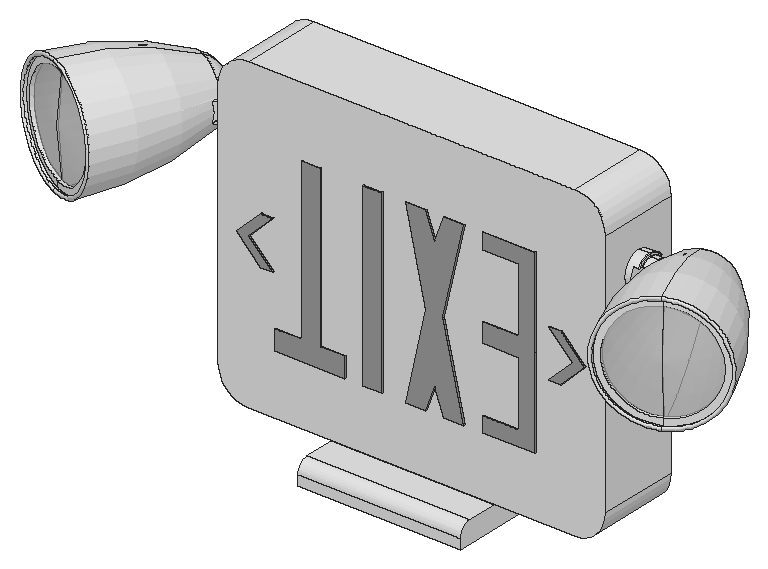
Revit family "HCX SERIES", category Lighting Fixtures, host Face, Revit 2021
Family settings
  Host = Face
  Round Connector Dimension = Use Diameter
  Part Type = Normal
  OmniClass Number = 23.80.70.11
  OmniClass Title = Luminaries for Internal Lighting
  Cut with Voids When Loaded = No
  Light Source = Yes
  Shared = No
  Room Calculation Point = No
Parameters (values of type "HCX SERIES")
  Wattage Comments = "4.5W"
  Wattage = 9.2903 W
  built-in parameter 1150110 = 1 (stored number, unit not read)
  URL = "https://www.currentlighting.com/dual-lite"
  built-in parameter 1114217 = 1 (stored number, unit not read)
  built-in parameter 1150109 = 1 (stored number, unit not read)
  built-in parameter 1150134 = 3
  built-in parameter 1150113 = 1 (stored number, unit not read)
  Product Page URL = ""
  Product Documentation Link = ""
  Model = "HCX SERIES"  # constant formula
  Manufacturer = "Dual-Lite"  # constant formula
  built-in parameter 1150105 = 109.82 (stored number, unit not read)
  Lumens = 1380 lm
  built-in parameter 1150115 = 1 (stored number, unit not read)
  Light Source Symbol Size = 1"
  built-in parameter 1150137 = (empty or 0)
  built-in parameter 1150139 = (empty or 0)
  Lettering = Red
  built-in parameter 1150112 = 1 (stored number, unit not read)
  built-in parameter 1150114 = 1 (stored number, unit not read)
  Lamp = "Two"
  Opal lens = Etched Glass
  built-in parameter 1150132 = (empty or 0)
  built-in parameter 1150102 = (empty or 0)
  built-in parameter 1150107 = 3200 (stored number, unit not read)
  built-in parameter 1150138 = (empty or 0)
  built-in parameter 1150106 = 1.0982 (stored number, unit not read)
  Finish2 = White
  Emit from Circle Diameter = 5"
  Emit Shape Visible in Rendering = no
  built-in parameter 1150104 = 13.8 (stored number, unit not read)
  Dimming Lamp Color Temperature Shift = <None>
  Description = "Side mounted combo unit for commercial applications."  # constant formula
  Default Elevation = 48"
  Color Filter = 16777215
  built-in parameter 1114218 = 1 (stored number, unit not read)
  built-in parameter 1150133 = 10 (stored number, unit not read)
Reference planes (in)
  plane 1 "Center (Front/Back)": y = 0
  plane 2: z = 0
  plane 3 "Center (Left/Right)": x = 0
  plane 4: z = 0.75
  plane 5: x = -2.625
  plane 6: x = 2.625
  plane 7: y = 1.3125
  plane 8: y = -1.3125
  plane 9: z = 5.75
  plane 10: z = 10.75
  plane 11: x = 6.25
  plane 12: x = -6.25
  plane 13: x = 9.25
  plane 14: x = -9.25
  plane 15: y = -3.6875
  plane 16: through (-9.78019, -3.44068, 48) normal (-0.9063, 0.4226, 0)
  plane 17: z = 5.75
  plane 18: z = 8.25366
  plane 19: z = 8.25
  plane 20: z = 8.25
  plane 21: z = 8.25366
  plane 22: z = 8.25
  plane 23: z = 5.75
Forms (in)
  Extrusion 1, solid, material "White" <- "Finish2"
    sketch origin (0, 0, 0) x (0, 1, 0) y (0, 0, 1)
      loop
        line (2.625, 0) -> (2.625, 0.32182)
        arc (2.625, 0.32182) -> (2.51546, 0.58626) -> (2.25102, 0.6958) r 0.37398
        line (2.25102, 0.6958) -> (1.25102, 0.6958) -> (1.25102, 0.75) -> (-1.25, 0.75) -> (-1.25, 0.6958) -> (-2.25, 0.6958)
        arc (-2.25, 0.6958) -> (-2.51517, 0.58596) -> (-2.625, 0.3208) r 0.375
        line (-2.625, 0.3208) -> (-2.625, 0) -> (2.625, 0)
    from -2.625 to 2.625
  Extrusion 2, solid, material "White" <- "Finish2"
    sketch origin (0, 0, 0) x (1, 0, 0) y (0, 0, 1)
      loop
        arc (-5.25, 10.75) -> (-5.95711, 10.45711) -> (-6.25, 9.75) r 1
        line (-6.25, 9.75) -> (-6.25, 1.75)
        arc (-6.25, 1.75) -> (-5.95711, 1.04289) -> (-5.25, 0.75) r 1
        line (-5.25, 0.75) -> (5.25, 0.75)
        arc (5.25, 0.75) -> (5.95711, 1.04289) -> (6.25, 1.75) r 1
        line (6.25, 1.75) -> (6.25, 9.75)
        arc (6.25, 9.75) -> (5.95711, 10.45711) -> (5.25, 10.75) r 1
        line (5.25, 10.75) -> (-5.25, 10.75)
      loop
        arc (-5.25, 10.5) -> (-5.78033, 10.28033) -> (-6, 9.75) r 0.75
        line (-6, 9.75) -> (-6, 1.75)
        arc (-6, 1.75) -> (-5.78033, 1.21967) -> (-5.25, 1) r 0.75
        line (-5.25, 1) -> (5.25, 1)
        arc (5.25, 1) -> (5.78033, 1.21967) -> (6, 1.75) r 0.75
        line (6, 1.75) -> (6, 9.75)
        arc (6, 9.75) -> (5.78033, 10.28033) -> (5.25, 10.5) r 0.75
        line (5.25, 10.5) -> (-5.25, 10.5)
    from -1.3125 to 1.3125
  Extrusion 3, solid, material "Red" <- "Lettering"
    sketch origin (-0.25314, -1.3125, -0.29619) x (1, 0, 0) y (0, 0, 1)
      loop
        line (3.74305, 8.29619) -> (3.74305, 6.21428) -> (2.56103, 6.21428) -> (2.56103, 5.89971) -> (2.56103, 5.58514) -> (3.74305, 5.58514) -> (3.74305, 3.50323) -> (2.56103, 3.50323) -> (2.56103, 3.00323) -> (4.24305, 3.00323) -> (4.24305, 5.89971) -> (4.24305, 8.79619) -> (2.56103, 8.79619) -> (2.56103, 8.29619) -> (3.74305, 8.29619)
      loop
        line (1.96033, 8.7951) -> (1.30504, 8.7951) -> (1.017, 8.00371) -> (0.72896, 8.7951) -> (0.07367, 8.7951) -> (0.74212, 5.89971) -> (0.07367, 3.00432) -> (0.72896, 3.00432) -> (1.017, 3.79571) -> (1.30504, 3.00432) -> (1.96033, 3.00432) -> (1.29187, 5.89971) -> (1.96033, 8.7951)
      loop
        line (-0.68897, 8.79619) -> (-1.28881, 8.79619) -> (-1.28881, 3.00432) -> (-0.68897, 3.00432) -> (-0.68897, 8.79619)
      loop
        line (-4.13663, 3.65961) -> (-4.13663, 3.00432) -> (-1.88663, 3.00432) -> (-1.88663, 3.65961) -> (-2.66803, 3.65961) -> (-2.66803, 8.79619) -> (-3.26787, 8.79619) -> (-3.26787, 3.65961) -> (-4.13663, 3.65961)
    from 0 to 0.03368
  Extrusion 4, solid, material "Red"
    sketch origin (0, -1.3125, -0.1629) x (1, 0, 0) y (0, 0, 1)
      loop
        line (-4.82938, 5.13752) -> (-4.44343, 5.13752) -> (-5.21881, 5.9129) -> (-4.44343, 6.68828) -> (-4.82938, 6.68828) -> (-5.60475, 5.9129) -> (-4.82938, 5.13752)
      loop
        line (4.82938, 5.13752) -> (5.60475, 5.9129) -> (4.82938, 6.68828) -> (4.44343, 6.68828) -> (5.21881, 5.9129) -> (4.44343, 5.13752) -> (4.82938, 5.13752)
    from 0 to 0.03368
  Revolve 5, solid, material "White" <- "Finish2"
    sketch origin (-9.78019, -3.44068, -36.5) x (-0.422618, -0.906308, 0) y (0, 0, 1)
      loop
        arc (0.01211, 42.82414) -> (0.0629, 42.876) -> (0.00997, 42.92568) r 0.05079
        line (0.00997, 42.92568) -> (-0.06926, 42.92568) -> (-0.06926, 43.14083) -> (-0.17725, 43.14083) -> (-0.17725, 42.92366)
        arc (-0.17725, 42.92366) -> (-2.18794, 43.14469) -> (-4.10177, 43.79966) r 9.20292
        arc (-4.10177, 43.79966) -> (-4.53233, 44.18969) -> (-4.67176, 44.75366) r 0.99519
        line (-4.67176, 44.75366) -> (-4.77345, 44.75366)
        arc (-4.77345, 44.75366) -> (-4.61811, 44.13525) -> (-4.14501, 43.70776) r 1.09676
        arc (-4.14501, 43.70776) -> (-2.11758, 43.02542) -> (0.01211, 42.82414) r 9.30448
      axis (-4.77345, 44.75366) -> (0.01211, 44.75366)
    angle from 0 to 360
  Revolve 6, solid, material "White" <- "Finish2"
    sketch origin (0, 0, 11.5) x (1, 0, 0) y (0, 0, -1)
      loop
        line (-6.25, 3.25) -> (-6.93713, 3.25) -> (-6.93713, 2.80213)
        arc (-6.93713, 2.80213) -> (-6.9287, 2.78179) -> (-6.90835, 2.77336) r 0.02877
        line (-6.90835, 2.77336) -> (-6.66095, 2.77336)
        arc (-6.66095, 2.77336) -> (-6.64641, 2.76734) -> (-6.64039, 2.7528) r 0.02056
        line (-6.64039, 2.7528) -> (-6.64039, 2.70753)
        arc (-6.64039, 2.70753) -> (-6.63446, 2.69323) -> (-6.62016, 2.68731) r 0.02023
        line (-6.62016, 2.68731) -> (-6.25, 2.68731) -> (-6.25, 3.25)
      axis (-6.93713, 3.25) -> (-6.25, 3.25)
    angle from 0 to 360
  Extrusion 7, void
    sketch origin (0, 0, 11.5) x (1, 0, 0) y (0, 0, 1)
      loop
        line (-6.47361, -3.57009) -> (-6.47361, -2.92259) -> (-6.94971, -2.92259) -> (-6.94971, -3.57009) -> (-6.47361, -3.57009)
    from -0.57711 to 0.57245
  Extrusion 8, solid, material "White" <- "Finish2"
    sketch origin (0, 0, 11.5) x (0, -1, 0) y (1, 0, 0)
      loop
        line (0.46751, -7.15127) -> (0.30801, -6.68806)
        arc (0.30801, -6.68806) -> (0.2739, -6.64238) -> (0.2196, -6.625) r 0.09351
        line (0.2196, -6.625) -> (-0.17867, -6.625)
        arc (-0.17867, -6.625) -> (-0.23509, -6.64388) -> (-0.26879, -6.69291) r 0.09375
        line (-0.26879, -6.69291) -> (-0.44501, -7.30745)
        arc (-0.44501, -7.30745) -> (-0.00116, -7.15686) -> (0.46751, -7.15127) r 1.49327
    from -3.57009 to -2.92259
  Revolve 9, solid, material "Etched Glass" <- "Opal lens"
    sketch origin (-9.78019, -3.44068, 48) x (-0.422618, -0.906308, 0) y (0, 0, 1)
      loop
        line (-0.18707, -37.91677) -> (-0.2371, -37.9255)
        arc (-0.2371, -37.9255) -> (-0.11773, -38.83434) -> (-0.07533, -39.75) r 10.87541
        line (-0.07533, -39.75) -> (-0.02455, -39.75)
        arc (-0.02455, -39.75) -> (-0.06714, -38.82996) -> (-0.18707, -37.91677) r 10.92619
      axis (-0.2371, -39.75) -> (-0.02455, -39.75)
    angle from 0 to 360
  Revolve 10, solid, material "White" <- "Finish2"
    sketch origin (9.78019, -3.44068, -36.5) x (0.422618, -0.906308, 0) y (0, 0, -1)
      loop
        arc (0.01211, -42.82414) -> (-2.11758, -43.02542) -> (-4.14501, -43.70776) r 9.30448
        arc (-4.14501, -43.70776) -> (-4.61811, -44.13525) -> (-4.77345, -44.75366) r 1.09676
        line (-4.77345, -44.75366) -> (-4.67176, -44.75366)
        arc (-4.67176, -44.75366) -> (-4.53233, -44.18969) -> (-4.10177, -43.79966) r 0.99519
        arc (-4.10177, -43.79966) -> (-2.18794, -43.14469) -> (-0.17725, -42.92366) r 9.20292
        line (-0.17725, -42.92366) -> (-0.17725, -43.12897) -> (-0.06926, -43.12897) -> (-0.06926, -42.92568) -> (0.00997, -42.92568)
        arc (0.00997, -42.92568) -> (0.0629, -42.876) -> (0.01211, -42.82414) r 0.05079
      axis (-4.77345, -44.75366) -> (0.01211, -44.75366)
    angle from 0 to 360
  Revolve 11, solid, material "Etched Glass" <- "Opal lens"
    sketch origin (9.78019, -3.44068, 48) x (0.422618, -0.906308, 0) y (0, 0, -1)
      loop
        arc (-0.18707, 37.91677) -> (-0.06714, 38.82996) -> (-0.02455, 39.75) r 10.92619
        line (-0.02455, 39.75) -> (-0.07533, 39.75)
        arc (-0.07533, 39.75) -> (-0.11773, 38.83434) -> (-0.2371, 37.9255) r 10.87541
        line (-0.2371, 37.9255) -> (-0.18707, 37.91677)
      axis (-0.2371, 39.75) -> (-0.02455, 39.75)
    angle from 0 to 360
  Revolve 12, solid, material "White" <- "Finish2"
    sketch origin (0, 0, 11.5) x (-1, 0, 0) y (0, 0, -1)
      loop
        line (-6.25, 3.25) -> (-6.93713, 3.25) -> (-6.93713, 2.80213)
        arc (-6.93713, 2.80213) -> (-6.9287, 2.78179) -> (-6.90835, 2.77336) r 0.02877
        line (-6.90835, 2.77336) -> (-6.66095, 2.77336)
        arc (-6.66095, 2.77336) -> (-6.64641, 2.76734) -> (-6.64039, 2.7528) r 0.02056
        line (-6.64039, 2.7528) -> (-6.64039, 2.70753)
        arc (-6.64039, 2.70753) -> (-6.63446, 2.69323) -> (-6.62016, 2.68731) r 0.02023
        line (-6.62016, 2.68731) -> (-6.25, 2.68731) -> (-6.25, 3.25)
      axis (-6.93713, 3.25) -> (-6.25, 3.25)
    angle from 0 to 360
  Extrusion 13, void
    sketch origin (0, 0, 11.5) x (-1, 0, 0) y (0, 0, -1)
      loop
        line (-6.47361, 3.57009) -> (-6.94971, 3.57009) -> (-6.94971, 2.92259) -> (-6.47361, 2.92259) -> (-6.47361, 3.57009)
    from -0.57711 to 0.57245
  Extrusion 14, solid, material "White" <- "Finish2"
    sketch origin (0, 0, 11.5) x (0, 1, 0) y (-1, 0, 0)
      loop
        arc (-0.46751, -7.15127) -> (0.00116, -7.15686) -> (0.44501, -7.30745) r 1.49327
        line (0.44501, -7.30745) -> (0.26879, -6.69291)
        arc (0.26879, -6.69291) -> (0.23509, -6.64388) -> (0.17867, -6.625) r 0.09375
        line (0.17867, -6.625) -> (-0.2196, -6.625)
        arc (-0.2196, -6.625) -> (-0.2739, -6.64238) -> (-0.30801, -6.68806) r 0.09351
        line (-0.30801, -6.68806) -> (-0.46751, -7.15127)
    from -3.57009 to -2.92259
  Extrusion 15, solid, material "White" <- "Finish2"
    sketch origin (0, 0, 0) x (1, 0, 0) y (0, 0, 1)
      loop
        line (5.25, 10.75) -> (-5.25, 10.75)
        arc (-5.25, 10.75) -> (-5.95711, 10.45711) -> (-6.25, 9.75) r 1
        line (-6.25, 9.75) -> (-6.25, 1.75)
        arc (-6.25, 1.75) -> (-5.95711, 1.04289) -> (-5.25, 0.75) r 1
        line (-5.25, 0.75) -> (5.25, 0.75)
        arc (5.25, 0.75) -> (5.95711, 1.04289) -> (6.25, 1.75) r 1
        line (6.25, 1.75) -> (6.25, 9.75)
        arc (6.25, 9.75) -> (5.95711, 10.45711) -> (5.25, 10.75) r 1
    from -1.3125 to -1.05592
  Extrusion 16, solid, material "White" <- "Finish2"
    sketch origin (0, 0, 0) x (1, 0, 0) y (0, 0, -1)
      loop
        arc (5.25, -10.75) -> (5.95711, -10.45711) -> (6.25, -9.75) r 1
        line (6.25, -9.75) -> (6.25, -1.75)
        arc (6.25, -1.75) -> (5.95711, -1.04289) -> (5.25, -0.75) r 1
        line (5.25, -0.75) -> (-5.25, -0.75)
        arc (-5.25, -0.75) -> (-5.95711, -1.04289) -> (-6.25, -1.75) r 1
        line (-6.25, -1.75) -> (-6.25, -9.75)
        arc (-6.25, -9.75) -> (-5.95711, -10.45711) -> (-5.25, -10.75) r 1
        line (-5.25, -10.75) -> (5.25, -10.75)
    from -1.3125 to -1.05592
Cuts and joins
  Extrusion 7, Extrusion 13 cuts Extrusion 1
  Extrusion 7, Extrusion 13 cuts Extrusion 2
  Extrusion 7, Extrusion 13 cuts Revolve 6
  Extrusion 13 cuts Revolve 12
  joined: Extrusion 1, Extrusion 2, Revolve 6, Revolve 12, Extrusion 15, Extrusion 16
  Extrusion 13 cuts Revolve 5
  Extrusion 13 cuts Extrusion 8
  joined: Revolve 5, Extrusion 8
  joined: Revolve 10, Extrusion 14
Dimensions and locks (in)
  aligned and locked: plane 2 to host face
  aligned and locked: level to host face
  aligned and locked: Extrusion 1 sketch curve to level
  aligned and locked: Extrusion 1 to plane 5
  aligned and locked: plane 6 to Extrusion 1
  aligned and locked: plane 4 to Extrusion 2 sketch curve
  aligned and locked: Extrusion 2 to plane 7
  aligned and locked: Extrusion 2 to plane 8
  aligned and locked: Extrusion 3 sketch curve to Extrusion 3 sketch curve
  aligned and locked: plane 8 to Extrusion 3
  aligned and locked: plane 8 to Extrusion 4
  aligned and locked: Extrusion 3 to Extrusion 4
  aligned and locked: plane 10 to Extrusion 2 sketch curve
  aligned and locked: plane 11 to Extrusion 2 sketch curve
  aligned and locked: Extrusion 2 sketch curve to plane 12
  aligned and locked: plane 18 to Revolve 5 sketch curve
  aligned and locked: plane 19 to Revolve 6 sketch curve
  aligned and locked: Revolve 9 sketch curve to Revolve 9 sketch curve
  aligned and locked: plane 20 to Revolve 9 sketch curve
  aligned and locked: Revolve 9 sketch curve to plane 20
  aligned and locked: Revolve 10 sketch curve to plane 21
  aligned and locked: Revolve 12 sketch curve to plane 22
  aligned and locked: Extrusion 15 sketch curve to cut or joined group of Extrusion 1, Extrusion 2, Revolve 6, Extrusion 7, Revolve 12, Extrusion 13, Extrusion 15, Extrusion 16  (x7)
  aligned and locked: Extrusion 15 to plane 7
  aligned and locked: Extrusion 16 to plane 8
  aligned and locked: plane 9 to Extrusion 4 sketch curve  (x2)
  aligned and locked: plane 23 to Extrusion 4 sketch curve  (x2)
Nested families (in)
  nested 1: "Family2" at (-9.41515, -2.8125, -4.0145), type "Family2"
  nested 2: "Family2" at (8.77619, -2.8125, -4.08293), type "Family2"
Connectors (in)
  electrical at (0, 0, 0), driven by "Description"
    settings: index 1, voltage 0 V, apparent load 0 VA, apparent load phase1 0 VA, apparent load phase2 0 VA, apparent load phase3 0 VA, power factor 1, load classification "Other", number of poles 1, system type 30, power factor state 1, is connector primary yes, connector utility no, sub classification motor no, connector description "Side mounted combo unit for commercial applications."
Definition of nested family "Family2"
  Parameters
    Wattage = 9.2903 W
    built-in parameter 1150110 = 1 (stored number, unit not read)
    built-in parameter 1114217 = 1 (stored number, unit not read)
    built-in parameter 1150109 = 1 (stored number, unit not read)
    built-in parameter 1150134 = 3
    built-in parameter 1150113 = 1 (stored number, unit not read)
    built-in parameter 1150105 = 109.82 (stored number, unit not read)
    Lumens = 1380 lm
    built-in parameter 1150115 = 1 (stored number, unit not read)
    Light Source Symbol Size = 3"
    built-in parameter 1150137 = (empty or 0)
    built-in parameter 1150139 = (empty or 0)
    built-in parameter 1150112 = 1 (stored number, unit not read)
    built-in parameter 1150114 = 1 (stored number, unit not read)
    built-in parameter 1150132 = (empty or 0)
    built-in parameter 1150102 = (empty or 0)
    built-in parameter 1150107 = 3200 (stored number, unit not read)
    built-in parameter 1150138 = (empty or 0)
    built-in parameter 1150106 = 1.0982 (stored number, unit not read)
    built-in parameter 1150104 = 13.8 (stored number, unit not read)
    Dimming Lamp Color Temperature Shift = (empty or 0)
    Default Elevation = 0"
    Color Filter = 16777215
    built-in parameter 1114218 = 1 (stored number, unit not read)
    built-in parameter 1150133 = 10 (stored number, unit not read)
  Reference planes (in)
    plane 1 "Center (Front/Back)": y = 0
    plane 2: z = 0
    plane 3 "Center (Left/Right)": x = 0
  Dimensions and locks (in)
    aligned and locked: plane 2 to level
